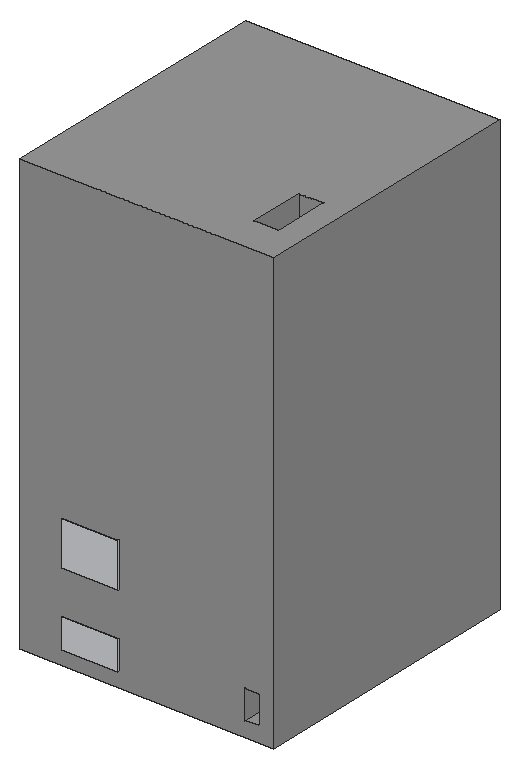
Revit family "Kuznetsov Wood Stove KIKSP16kw", category Оборудование, Revit 2016
Family settings
  Тип детали = Нормальный
  Размер круглого соединителя = Использовать диаметр
  На основе рабочей плоскости = Нет
  Всегда вертикально = Да
  При загрузке вырезать с полостями = Нет
  Общий = Нет
  Точка расчета площади = Нет
Parameters
  Oven Width [instance] = 1250 mm
  Oven Length [instance] = 1127.365 mm
Reference planes
  plane 1 "По центру (Вперед/Назад)": y = 0
  plane 2: z = 0
  plane 3 "По центру (Влево/Вправо)": x = 0
Forms (mm)
  Extrusion 1, solid, material "Необлицованная кладка"
    sketch origin (0, 0, 0) x (1, 0, 0) y (0, 1, 0)
      loop
        line (-563.683, 625) -> (-563.683, -625) -> (563.683, -625) -> (563.683, 625) -> (-563.683, 625)
    from 0 to 1950
  Extrusion 2, void
    sketch origin (8.683, 18.807, 0) x (1, 0, 0) y (0, 1, 0)
      loop
        line (-572.365, -18.807) -> (-572.365, -578.807) -> (-208.629, -578.807) -> (-208.629, -18.807) -> (-572.365, -18.807)
    from 780 to 1235
  Extrusion 3, solid
    sketch origin (5, -95, 0) x (1, 0, 0) y (0, 1, 0)
      loop
        line (-543.683, 105) -> (-543.683, -483.42) -> (-224.094, -483.42) -> (-224.094, 105) -> (-543.683, 105)
    from 780 to 790
  Extrusion 4, solid
    sketch origin (113.142, 0, -83.552) x (1, 0, 0) y (0, 0, 1)
      loop
        line (-488.824, 278.552) -> (-488.824, 148.552) -> (-238.824, 148.552) -> (-238.824, 278.552) -> (-488.824, 278.552)
    from 625 to 630
  Extrusion 5, solid
    sketch origin (113.142, 0, 241.448) x (1, 0, 0) y (0, 0, 1)
      loop
        line (-488.824, 343.552) -> (-488.824, 148.552) -> (-238.824, 148.552) -> (-238.824, 343.552) -> (-488.824, 343.552)
    from 625 to 630
  Extrusion 6, void
    sketch origin (125.902, 0, -4.056) x (1, 0, 0) y (0, 0, 1)
      loop
        line (307.78, 69.056) -> (372.78, 69.056) -> (372.78, 199.056) -> (307.78, 199.056) -> (307.78, 69.056)
    from -625 to 625
  Extrusion 7, void
    sketch origin (20.649, -104.529, 0) x (1, 0, 0) y (0, 1, 0)
      loop
        line (-519.332, 84.529) -> (-519.332, -455.471) -> (-269.332, -455.471) -> (-269.332, 84.529) -> (-519.332, 84.529)
    from 325 to 780
  Revolve 8, void
    sketch origin (-3.45, -141.437, 0) x (1, 0, 0) y (0, 0, 1)
      loop
        line (-443.001, 790) -> (-453.001, 790) -> (-453.001, 785) -> (-443.001, 785) -> (-443.001, 790)
      axis (-367.426, 790) -> (-367.426, 785)
    angle from 0 to 360
  Revolve 9, void
    sketch origin (-3.45, -391.437, 0) x (1, 0, 0) y (0, 0, 1)
      loop
        line (-443.001, 790) -> (-453.001, 790) -> (-453.001, 785) -> (-443.001, 785) -> (-443.001, 790)
      axis (-367.426, 790) -> (-367.426, 785)
    angle from 0 to 360
  Extrusion 10, solid, material "Чугун, серый литейный ASTM A-48, класс 50"
    sketch origin (0, 1293.377, -2.14) x (1, 0, 0) y (0, 0, 1)
      loop
        circle (461.227, 336.562) r 38
      loop
        circle (479.395, 1324.429) r 38
    from 625 to 668.377
  Extrusion 11, void
    sketch origin (-62.365, 147.876, 0) x (1, 0, 0) y (0, 1, 0)
      loop
        line (407.865, -612.876) -> (518.683, -612.876) -> (518.683, -362.876) -> (407.865, -362.876) -> (407.865, -612.876)
    from 250 to 2000
Cuts and joins
  Extrusion 2, Extrusion 6, Extrusion 7, Revolve 8, Extrusion 11 cuts Extrusion 1
  Extrusion 7, Revolve 8, Revolve 9 cuts Extrusion 3
Lines and regions (mm)
  reference lines
    curve 1: line (-563.683, 0, 2280) -> (-563.683, 0, -440)
    curve 2: line (563.683, 0, 2280) -> (563.683, 0, -440)
    curve 3: line (-563.683, 765, 0) -> (-563.683, -775, 0)
Dimensions and locks
  "Oven Length": Extrusion 1 sketch curve to Extrusion 1 sketch curve
  "Oven Width": Extrusion 1 sketch curve to Extrusion 1 sketch curve
  equal spacing: Extrusion 1 sketch curve, plane 1 "По центру (Вперед/Назад)", Extrusion 1 sketch curve
  equal spacing: Extrusion 1 sketch curve, plane 3 "По центру (Влево/Вправо)", Extrusion 1 sketch curve
  Extrusion 2 sketch curve to Extrusion 2 sketch curve = 363.736 mm
  Extrusion 2 sketch curve to Extrusion 2 sketch curve = 560 mm
  Extrusion 4 sketch curve to level = 65 mm
  aligned and locked: level to plane 2
Automatic sketch dimensions
  plane 1 "По центру (Вперед/Назад)" to Extrusion 2 sketch curve = 0 mm
  Extrusion 2 sketch curve to plane 3 "По центру (Влево/Вправо)" = 563.683 mm
  Extrusion 3 sketch curve to plane 3 "По центру (Влево/Вправо)" = 538.683 mm
  Extrusion 3 sketch curve to plane 3 "По центру (Влево/Вправо)" = 219.094 mm
  plane 1 "По центру (Вперед/Назад)" to Extrusion 3 sketch curve = 578.42 mm
  Extrusion 3 sketch curve to plane 1 "По центру (Вперед/Назад)" = 10 mm
  Extrusion 4 sketch curve to plane 3 "По центру (Влево/Вправо)" = 375.683 mm
  Extrusion 4 sketch curve to plane 3 "По центру (Влево/Вправо)" = 125.683 mm
  Extrusion 4 sketch curve to Extrusion 4 sketch curve = 130 mm
  curve 1 to plane 3 "По центру (Влево/Вправо)" = 563.683 mm
  curve 1 to level = 440 mm
  plane 3 "По центру (Влево/Вправо)" to curve 2 = 563.683 mm
  curve 2 to level = 440 mm
  level to curve 2 = 2280 mm
  curve 1 to curve 2 = 0 mm
  Extrusion 5 sketch curve to plane 3 "По центру (Влево/Вправо)" = 375.683 mm
  Extrusion 5 sketch curve to plane 3 "По центру (Влево/Вправо)" = 125.683 mm
  level to Extrusion 5 sketch curve = 390 mm
  Extrusion 5 sketch curve to Extrusion 5 sketch curve = 195 mm
  level to Extrusion 6 sketch curve = 195 mm
  plane 3 "По центру (Влево/Вправо)" to Extrusion 6 sketch curve = 433.683 mm
  Extrusion 6 sketch curve to Extrusion 6 sketch curve = 65 mm
  level to Extrusion 6 sketch curve = 65 mm
  curve 3 to plane 3 "По центру (Влево/Вправо)" = 563.683 mm
  plane 1 "По центру (Вперед/Назад)" to curve 3 = 775 mm
  curve 3 to plane 1 "По центру (Вперед/Назад)" = 765 mm
  Extrusion 7 sketch curve to plane 3 "По центру (Влево/Вправо)" = 498.683 mm
  Extrusion 7 sketch curve to plane 3 "По центру (Влево/Вправо)" = 248.683 mm
  plane 1 "По центру (Вперед/Назад)" to Extrusion 7 sketch curve = 560 mm
  plane 1 "По центру (Вперед/Назад)" to Extrusion 7 sketch curve = 20 mm
  Revolve 8 sketch curve to plane 3 "По центру (Влево/Вправо)" = 456.45 mm
  Revolve 8 sketch curve to Revolve 8 sketch curve = 10 mm
  level to Revolve 8 sketch curve = 785 mm
  Revolve 8 sketch curve to Revolve 8 sketch curve = 5 mm
  Revolve 8 sketch curve to Revolve 8 sketch curve = 75.575 mm
  Revolve 8 sketch curve to Revolve 8 sketch curve = 62.767 mm
  Revolve 8 sketch curve to Revolve 8 sketch curve = 57.233 mm
  Revolve 9 sketch curve to plane 3 "По центру (Влево/Вправо)" = 456.45 mm
  Revolve 9 sketch curve to Revolve 9 sketch curve = 10 mm
  level to Revolve 9 sketch curve = 785 mm
  Revolve 9 sketch curve to Revolve 9 sketch curve = 5 mm
  Revolve 9 sketch curve to Revolve 9 sketch curve = 75.575 mm
  Revolve 9 sketch curve to Revolve 9 sketch curve = 62.767 mm
  Revolve 9 sketch curve to Revolve 9 sketch curve = 57.233 mm
  plane 3 "По центру (Влево/Вправо)" to Extrusion 10 sketch curve = 479.395 mm
  plane 3 "По центру (Влево/Вправо)" to Extrusion 10 sketch curve = 461.227 mm
  level to Extrusion 10 sketch curve = 334.423 mm
  Extrusion 10 sketch curve to Extrusion 10 sketch curve = 987.866 mm
  plane 3 "По центру (Влево/Вправо)" to Extrusion 11 sketch curve = 345.499 mm
  Extrusion 11 sketch curve to Extrusion 11 sketch curve = 110.818 mm
  plane 1 "По центру (Вперед/Назад)" to Extrusion 11 sketch curve = 465 mm
  Extrusion 11 sketch curve to Extrusion 11 sketch curve = 250 mm
  radius of Extrusion 10 sketch curve = 38 mm  (x2)
Connectors
  piping at (479.395, 668.377, 1322.289), diameter 57
    settings: on Extrusion 10, index 1, connector inside diameter 609.6 mm, connector length 0 mm, flow factor 0, pipe flow 0.0 L/s, pressure drop 0.0 Pa, fitting loss kfactor 0, connector angle 0.00°, fixture units 0, engagement length 0 mm, angle of deflection 0.00°, flow configuration 0, flow direction 2, fitting loss method 0, system type 7, joint type 0, gender type 0, connector reference index -1, connector utility 0, adjustable connector no, is connector primary yes, connector description ""
  piping at (461.227, 668.377, 334.423), diameter 57
    settings: on Extrusion 10, index 2, connector inside diameter 609.6 mm, connector length 0 mm, flow factor 0, pipe flow 0.0 L/s, pressure drop 0.0 Pa, fitting loss kfactor 0, connector angle 0.00°, fixture units 0, engagement length 0 mm, angle of deflection 0.00°, flow configuration 0, flow direction 1, fitting loss method 0, system type 8, joint type 0, gender type 0, connector reference index -1, connector utility 0, adjustable connector no, is connector primary no, connector description ""
